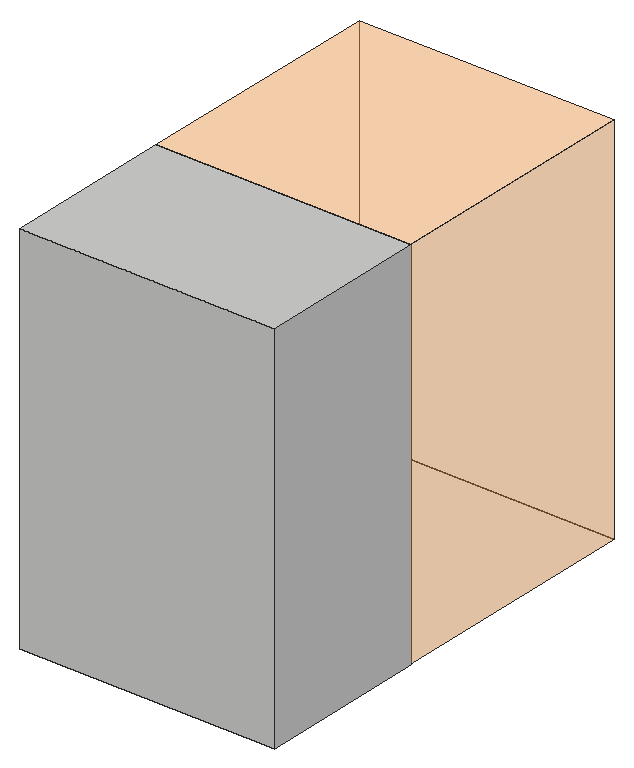
Revit family "IEK_R19_L2(2)_Шкаф_ЩМПп_IP66_TETRA_Навесной", category Электрооборудование, Revit 2019
Family settings
  Размер круглого соединителя = Использовать диаметр
  Тип детали = Силовой щит
  На основе рабочей плоскости = Нет
  Всегда вертикально = Да
  При загрузке вырезать с полостями = Нет
  Общий = Нет
  Точка расчета площади = Да
Parameters
  УГО_Реальный размер [instance] = no
  УГО_Переключить цвет [instance] = no
  УГО_Масштаб [instance] = 1
  УГО_Смещение по оси Y [instance] = 1000 mm
  УГО_Смещение по оси X [instance] = 1000 mm
  УГО [instance] = ▲GA_УГО_ЩР : ▲GA_УГО_ЩР
  Серия = ""
  built-in parameter 1140086 [instance] = "-"  # constant formula
  built-in parameter 1140087 [instance] = 2
  built-in parameter 1140079 [instance] = 12
  Лоток_Ширина снизу [instance] = 50 mm
  Лоток_Высота снизу [instance] = 50 mm
  Лоток_Высота сверху [instance] = 50 mm
  Лоток_Ширина сверху [instance] = 100 mm
  Лоток_Смещение влево [instance] = 155 mm
  лоток_Отступ от стены до нижней грани [instance] = Лоток_Отступ от стены + Лоток_Высота сверху / 2  # 35 mm
  Лоток_Отступ от стены [instance] = 10 mm
  Инженерная_сеть = no
  Panel Name [instance] = "1Щ?1"
  Зона обслуживания [instance] = yes
  Группировать в спецификации = 1 = 0  # no
  mS_Номер питающей цепи [instance] = ""
  mS_Номер отходящей цепи [instance] = ""
  mS_Координация оборудования = 0  # constant formula
  mS_Категория оборудования [instance] = if(УГО_Переключить цвет, 0, 2)  # 2
  mS_Guid = "821c7fcf-6e20-4866-bf76-5fe537ee1ddb"  # constant formula
  mS_GA_Оборудование 4 тип [instance] = not(УГО_Переключить цвет)  # yes
  mS_GA_Оборудование 3 тип [instance] = 1 = 0  # no
  mS_GA_Оборудование 2 тип [instance] = УГО_Переключить цвет  # no
  mS_GA_Оборудование 1 тип [instance] = 1 = 0  # no
  mS_GA_Оборудование [instance] = 1 = 0  # no
  ADSK_Этаж [instance] = ""
  ADSK_Размер_Ширина = 210 mm
  ADSK_Размер_Глубина = 140 mm
  ADSK_Размер_Высота = 310 mm
  ADSK_Примечание [instance] = ""
  ADSK_Позиция = ""
  ADSK_Обозначение = "ЩМПп"
  ADSK_Номер секции [instance] = ""
  ADSK_Номер здания [instance] = ""
  ADSK_Напряжение [instance] = 400 V
  ADSK_Наименование краткое = ""
  ADSK_Наименование = "Щит распределительный навесной установки IP31"
  ADSK_Назначение вида [instance] = ""
  ADSK_Материал [instance] = mS_RAL7035 Светло серый
  ADSK_Масса_Текст = ""
  ADSK_Масса = 0
  ADSK_Марка = ADSK_Обозначение  # "ЩМПп"
  ADSK_Комплект чертежей [instance] = ADSK_Комплект  # "ЭОМ"
  ADSK_Комплект [instance] = "ЭОМ"
  ADSK_Количество фаз [instance] = 3
  ADSK_Количество = 1  # constant formula
  ADSK_Код изделия = ""
  ADSK_Зона [instance] = ""
  ADSK_Завод-изготовитель = "IEK"
  ADSK_Единица измерения = "шт"  # constant formula
  ADSK_Группирование = "Продукция НКУ"  # constant formula
  ADSK_Версия семейства = "v1.0 2023-02-20"  # constant formula
  ADSK_Версия Revit = "2019"  # constant formula
  ADSK_URL страницы изделия = ""
  ADSK_URL документации изделия = ""
Reference planes
  plane 1 "Назад": y = 0
  plane 2 "Вверх": z = 0
  plane 3 "По центру (Влево/Вправо)": x = 0
  plane 4 "УГО_Смещение по оси Y": x = -1000
  plane 5 "УГО_Смещение по оси X": y = -900
  plane 6 "Центр по высоте": z = -155
  plane 7 "Вперед": y = 140
  plane 8 "По правому краю": x = -105
  plane 9 "По левому краю": x = 105
  plane 10 "Низ панели": z = -310
  plane 11 "Имя панели": y = 46.667
  plane 12 "Тип панели": y = 93.333
  plane 13 "Шрифт спереди": y = 141
  plane 14 "Шрифт сверху": z = 1
  plane 15 "Плоскость для привязки оси лотка": x = -105
Forms (mm)
  Extrusion 1, solid, material "mS_RAL7035 Светло серый" <- "ADSK_Материал"
    sketch origin (-150, 0, 0) x (0, 0, -1) y (1, 0, 0)
      loop
        line (0, 45) -> (310, 45) -> (310, 255) -> (0, 255) -> (0, 45)
    from 0 to -140
Lines and regions (mm)
  reference lines
    curve 1: line (0, 200, 0) -> (0, 100, 0)
    curve 2: line (-50, 100, 0) -> (50, 100, 0)
    curve 3: line (-105, 35, -155) -> (105, 35, -155)
    curve 4: line (50, 35, -310) -> (50, 35, 0)
  symbolic lines
    curve 5: line (-105, 0, 0) -> (105, 0, 0)
    curve 6: line (-105, 0, -310) -> (-105, 0, 0)
    curve 7: line (105, 0, -310) -> (-105, 0, -310)
    curve 8: line (105, 0, 0) -> (105, 0, -310)
    curve 9: line (0, 0, 0) -> (0, 140, 0)
    curve 10: line (0, 0, -310) -> (0, 0, 0)
    curve 11: line (0, 140, -310) -> (0, 0, -310)
    curve 12: line (0, 140, 0) -> (0, 140, -310)
  symbolic lines, detail levels medium+fine
    curve 13: line (-105, 140, -155) -> (105, 140, -155)
    curve 14: line (-105, 0, -155) -> (-105, 140, -155)
    curve 15: line (105, 0, -155) -> (-105, 0, -155)
    curve 16: line (105, 140, -155) -> (105, 0, -155)
Dimensions and locks
  equal spacing: plane 8 "По правому краю", plane 3 "По центру (Влево/Вправо)", plane 9 "По левому краю"
  "ADSK_Размер_Ширина": plane 8 "По правому краю" to plane 9 "По левому краю"
  "ADSK_Размер_Глубина": plane 1 "Назад" to plane 7 "Вперед"
  equal spacing: plane 10 "Низ панели", plane 6 "Центр по высоте", level
  "ADSK_Размер_Высота": plane 10 "Низ панели" to level
  equal spacing: plane 1 "Назад", plane 11 "Имя панели", plane 12 "Тип панели", plane 7 "Вперед"
  equal spacing: curve 2, curve 1, curve 2
  locked: curve 1 to curve 1 at 100
  "УГО_Смещение по оси X": plane 4 "УГО_Смещение по оси Y" to curve 1
  "УГО_Смещение по оси Y": plane 5 "УГО_Смещение по оси X" to curve 2
  locked: plane 7 "Вперед" to plane 13 "Шрифт спереди" at 1
  locked: plane 2 "Вверх" to plane 14 "Шрифт сверху" at 1
  "лоток_Отступ от стены до нижней грани": plane 1 "Назад" to curve 3
  "Лоток_Смещение влево": plane 15 "Плоскость для привязки оси лотка" to curve 4
  curve 2 to curve 2 = 100 mm
  aligned and locked: level to plane 2 "Вверх"
  aligned and locked: level to Extrusion 1
  aligned and locked: Extrusion 1 to plane 7 "Вперед"
  aligned and locked: Extrusion 1 to plane 10 "Низ панели"
  aligned and locked: plane 10 "Низ панели" to Extrusion 1
  aligned and locked: nested 1 to plane 8 "По правому краю"
  aligned and locked: plane 9 "По левому краю" to nested 1
  aligned and locked: plane 3 "По центру (Влево/Вправо)" to nested 2
  aligned and locked: plane 6 "Центр по высоте" to nested 2
  aligned and locked: curve 2 to curve 1
  aligned and locked: curve 2 to nested 3
  aligned and locked: nested 3 to curve 1
  aligned and locked: text3d elem to plane 3 "По центру (Влево/Вправо)"
  aligned and locked: text3d elem to plane 12 "Тип панели"
  aligned and locked: text3d elem to plane 11 "Имя панели"
  aligned and locked: nested 1 to plane 7 "Вперед"
  aligned and locked: plane 8 "По правому краю" to curve 3
  aligned and locked: plane 9 "По левому краю" to curve 3
  aligned and locked: plane 10 "Низ панели" to curve 4
  aligned and locked: plane 8 "По правому краю" to plane 15 "Плоскость для привязки оси лотка"
  aligned and locked: nested 4 to curve 2
  aligned and locked: nested 4 to curve 1
  aligned and locked: plane 2 "Вверх" to curve 4
  aligned and locked: curve 6 to nested 1
  aligned and locked: curve 7 to nested 1
  aligned and locked: curve 8 to nested 1
  aligned and locked: curve 5 to plane 2 "Вверх"
  aligned and locked: level to curve 9
  aligned and locked: curve 10 to plane 1 "Назад"
  aligned and locked: plane 10 "Низ панели" to curve 11
  aligned and locked: plane 7 "Вперед" to curve 12
  aligned and locked: curve 13 to plane 7 "Вперед"
  aligned and locked: curve 14 to plane 8 "По правому краю"
  aligned and locked: plane 1 "Назад" to curve 15
  aligned and locked: curve 16 to plane 9 "По левому краю"
Automatic sketch dimensions
  Extrusion 1 sketch curve to level = 0 mm
  Extrusion 1 sketch curve to plane 8 "По правому краю" = 0 mm
  Extrusion 1 sketch curve to plane 10 "Низ панели" = 0 mm
  plane 9 "По левому краю" to Extrusion 1 sketch curve = 0 mm
Nested families
  nested 1: "▲GM_Зона обслуживания" at (105, 140, -310) x (-1, 0, 0) z (0, 0, 1), Высота <- "ADSK_Размер_Высота", visible <- "Зона обслуживания", Ширина <- "ADSK_Размер_Ширина", ADSK_Примечание <- "ADSK_Примечание", ADSK_Комплект <- "ADSK_Комплект", ADSK_Комплект чертежей <- "ADSK_Комплект чертежей", ADSK_Назначение вида <- "ADSK_Назначение вида", ADSK_Номер здания <- "ADSK_Номер здания", ADSK_Номер секции <- "ADSK_Номер секции", ADSK_Этаж <- "ADSK_Этаж", ADSK_Зона <- "ADSK_Зона", type "Тип", detail levels medium+fine
    with Ширина 210 mm, Длина 210 mm, Высота 310 mm, ADSK_Этаж "", ADSK_Примечание "", ADSK_Номер секции "", ADSK_Номер здания "", ADSK_Назначение вида "", ADSK_Комплект чертежей "ЭОМ", ADSK_Комплект "ЭОМ", ADSK_Зона ""
  nested 2: "▲EN_Знак электрическое напряжение" at (0, 140, -155) x (1, 0, 0) z (0, -1, 0), ADSK_Примечание <- "ADSK_Примечание", ADSK_Комплект <- "ADSK_Комплект", ADSK_Комплект чертежей <- "ADSK_Комплект чертежей", ADSK_Назначение вида <- "ADSK_Назначение вида", ADSK_Номер здания <- "ADSK_Номер здания", ADSK_Номер секции <- "ADSK_Номер секции", ADSK_Этаж <- "ADSK_Этаж", ADSK_Зона <- "ADSK_Зона", type "Тип", detail levels fine
  nested 3: "▲GA_УГО_ЩР" at (0, 100, 0), type <- "УГО", УГО_Масштаб <- "УГО_Масштаб", УГО_Реальный размер <- "УГО_Реальный размер", ADSK_Размер_Длина <- "ADSK_Размер_Ширина", ADSK_Размер_Ширина <- "ADSK_Размер_Глубина", mS_GA_Оборудование <- "mS_GA_Оборудование", mS_GA_Оборудование 1 тип <- "mS_GA_Оборудование 1 тип", mS_GA_Оборудование 2 тип <- "mS_GA_Оборудование 2 тип", mS_GA_Оборудование 3 тип <- "mS_GA_Оборудование 3 тип", mS_GA_Оборудование 4 тип <- "mS_GA_Оборудование 4 тип", ADSK_Примечание <- "ADSK_Примечание", ADSK_Комплект <- "ADSK_Комплект", ADSK_Комплект чертежей <- "ADSK_Комплект чертежей", ADSK_Назначение вида <- "ADSK_Назначение вида", ADSK_Номер здания <- "ADSK_Номер здания", ADSK_Номер секции <- "ADSK_Номер секции", ADSK_Этаж <- "ADSK_Этаж", ADSK_Зона <- "ADSK_Зона", type "▲GA_УГО_ЩР", detail levels coarse+medium
    with формула_Ширина 2.5 mm, формула_Длина 5 mm, размер_Ширина 2.5 mm, размер_Длина 5 mm, оборудование_Ошибка УГО no, оборудование 4 тип yes, оборудование 3 тип no, оборудование 2 тип no, оборудование 1 тип no, оборудование no, УГО_Реальный размер no, УГО_Метка "А/М", УГО_Масштаб 1, mS_Метка_2,5_мм_Пользователя_Черная yes, mS_Метка_2,5_мм_Пользователя_Красная no, mS_Метка_2,0_мм_Пользователя_Черная no, mS_Метка_1,8_мм_Пользователя_Черная no, mS_Метка_1,5_мм_Пользователя_Черная no, mS_GA_Оборудование 4 тип yes, mS_GA_Оборудование 3 тип no, mS_GA_Оборудование 2 тип no, mS_GA_Оборудование 1 тип no, mS_GA_Оборудование no, ADSK_Этаж "", ADSK_Размер_Ширина 140 mm, ADSK_Размер_Длина 210 mm, ADSK_Примечание "", ADSK_Номер секции "", ADSK_Номер здания "", ADSK_Назначение вида "", ADSK_Комплект чертежей "ЭОМ", ADSK_Комплект "ЭОМ", ADSK_Зона ""
  nested 4: "▲EE_Форма_2D" at (-271.062, 100, 0), ADSK_Размер_Длина <- "ADSK_Размер_Ширина", ADSK_Размер_Ширина <- "ADSK_Размер_Глубина", УГО_Масштаб <- "УГО_Масштаб", УГО_Реальный размер <- "УГО_Реальный размер", ADSK_Примечание <- "ADSK_Примечание", ADSK_Комплект <- "ADSK_Комплект", ADSK_Комплект чертежей <- "ADSK_Комплект чертежей", ADSK_Назначение вида <- "ADSK_Назначение вида", ADSK_Номер здания <- "ADSK_Номер здания", ADSK_Номер секции <- "ADSK_Номер секции", ADSK_Этаж <- "ADSK_Этаж", ADSK_Зона <- "ADSK_Зона", type "▲EE_Форма_2D", detail levels coarse+medium
    with ширина 250 mm, формула_ширина 250 mm, формула_длина 500 mm, длина 500 mm, УГО_Реальный размер no, УГО_Масштаб 1, ADSK_Этаж "", ADSK_Размер_Ширина 140 mm, ADSK_Размер_Длина 210 mm, ADSK_Примечание "", ADSK_Номер секции "", ADSK_Номер здания "", ADSK_Назначение вида "", ADSK_Комплект чертежей "ЭОМ", ADSK_Комплект "ЭОМ", ADSK_Зона ""
Connectors
  electrical at (0, 0, 0), driven by "Инженерная_сеть", driven by "ADSK_Количество фаз", driven by "ADSK_Напряжение"
    settings: index 1, voltage 400 V, apparent load 0 kVA, apparent load phase1 0 kVA, apparent load phase2 0 kVA, apparent load phase3 0 kVA, power factor 1, load classification "Прочее", number of poles 3, system type 30, power factor state 1, is connector primary yes, connector utility no, sub classification motor no, connector description ""
  cabletrayconduit at (50, 35, 0), diameter 600, driven by "Лоток_Высота сверху", driven by "Лоток_Ширина сверху"
    settings: on curve 4, index 2, connector width 100 mm, connector height 50 mm, connector angle 0.00°, system type 32, placement type 0, profile type 1, connector reference index -1, is primary connector yes, connector utility param no, connector description "Ввод лотка в щит сверху"
  cabletrayconduit at (50, 35, -310), diameter 600, driven by "Лоток_Высота снизу", driven by "Лоток_Ширина снизу"
    settings: on curve 4, index 3, connector width 50 mm, connector height 50 mm, connector angle 0.00°, system type 32, placement type 0, profile type 1, connector reference index -1, is primary connector no, connector utility param no, connector description "Ввод лотка в щит снизу"
  cabletrayconduit at (0, 70, 0), diameter 600
    settings: on Extrusion 1, index 4, connector width 300 mm, connector height 300 mm, connector angle 0.00°, system type 32, placement type 1, profile type 0, connector reference index -1, is primary connector no, connector utility param no, connector description "Ввод короба в щит сверху"
  cabletrayconduit at (0, 70, -310), diameter 600
    settings: on Extrusion 1, index 5, connector width 300 mm, connector height 300 mm, connector angle 0.00°, system type 32, placement type 1, profile type 0, connector reference index -1, is primary connector no, connector utility param no, connector description "Ввод короба в щит снизу"
Definition of nested family "▲GM_Зона обслуживания"
  Parameters (values of type "Тип")
    Ширина [instance] = 600 mm
    Default Elevation = 0 mm
    Description = "Зона обслуживания"
    Длина [instance] = 1200 mm
    Высота [instance] = 2000 mm
    mS_Guid = "adc6c888-f092-4c82-bbd7-b109d89989c6"  # constant formula
    ADSK_Этаж [instance] = ""
    ADSK_Примечание [instance] = ""
    ADSK_Номер секции [instance] = ""
    ADSK_Номер здания [instance] = ""
    ADSK_Наименование = "Неспецифицируемый"  # constant formula
    ADSK_Назначение вида [instance] = ""
    ADSK_Комплект чертежей [instance] = ""
    ADSK_Комплект [instance] = ""
    ADSK_Зона [instance] = ""
    ADSK_Версия семейства = "2022-12-26"  # constant formula
  Reference planes
    plane 1 "Назад": y = 0
    plane 2 "Вниз": z = 0
    plane 3 "По левому краю": x = 0
    plane 4 "Вперед": y = -600
    plane 5 "По правому краю": x = 1200
  Forms (mm)
    Extrusion 1, solid, detail levels fine
      sketch origin (0, 0, 0) x (1, 0, 0) y (0, 1, 0)
        loop
          line (0, -600) -> (1200, -600) -> (1200, 0) -> (0, 0) -> (0, -600)
      from 0 to 2000 <- "Высота"
  Lines and regions (mm)
    symbolic lines, detail levels fine
      curve 1: line (0, 0, 0) -> (1200, 0, 0)
      curve 2: line (0, -600, 0) -> (0, 0, 0)
      curve 3: line (1200, -600, 0) -> (0, -600, 0)
      curve 4: line (1200, 0, 0) -> (1200, -600, 0)
  Dimensions and locks
    "Длина": plane 3 "По левому краю" to plane 5 "По правому краю"
    "Ширина": plane 4 "Вперед" to plane 1 "Назад"
    aligned and locked: level to plane 2 "Вниз"
    aligned and locked: Extrusion 1 sketch curve to plane 4 "Вперед"
    aligned and locked: Extrusion 1 sketch curve to plane 3 "По левому краю"
    aligned and locked: Extrusion 1 sketch curve to plane 1 "Назад"
    aligned and locked: plane 5 "По правому краю" to Extrusion 1 sketch curve
    aligned and locked: plane 4 "Вперед" to curve 3
    aligned and locked: curve 4 to plane 5 "По правому краю"
  Automatic sketch dimensions
    curve 3 to plane 3 "По левому краю" = 0 mm
    plane 1 "Назад" to curve 2 = 0 mm
Definition of nested family "▲EN_Знак электрическое напряжение"
  Parameters (values of type "Тип")
    Default Elevation = 0 mm
    Keynote = "Знак электрическое напряжение"
    Height = 0 mm
    mS_Категория оборудования [instance] = 0
    mS_Guid = "a9daff8e-f103-422e-bf93-7e22b4665eef"  # constant formula
    ADSK_Этаж [instance] = ""
    ADSK_Примечание [instance] = ""
    ADSK_Номер секции [instance] = ""
    ADSK_Номер здания [instance] = ""
    ADSK_Наименование = "Неспецифицируемый"  # constant formula
    ADSK_Назначение вида [instance] = ""
    ADSK_Комплект чертежей [instance] = "ЭОМ"
    ADSK_Комплект [instance] = "ЭОМ"
    ADSK_Зона [instance] = ""
    ADSK_Версия семейства = "2022-12-26"  # constant formula
  Reference planes
    plane 1 "По центру (Вперед/Назад)": y = 0
    plane 2: z = 0
    plane 3 "По центру (Влево/Вправо)": x = 0
  Forms (mm)
    Extrusion 1, solid, detail levels fine
      sketch origin (43.524, -81.118, -0.4) x (1, 0, 0) y (0, 1, 0)
        loop
          line (-42.029, 91.643) -> (-45.329, 91.643) -> (-48.476, 80.271) -> (-43.758, 82.886) -> (-44.754, 75.331) -> (-45.782, 76.557) -> (-44.948, 71.829) -> (-42.097, 76.058) -> (-43.506, 75.107) -> (-40.607, 85.925) -> (-45.803, 82.925) -> (-42.029, 91.643)
        loop
          line (-60.524, 69.528) -> (-26.524, 69.528) -> (-43.524, 98.328) -> (-60.524, 69.528)
        loop
          line (-64.728, 67.128) -> (-22.321, 67.128) -> (-43.524, 103.05) -> (-64.728, 67.128)
      from 0 to 0.8
    Extrusion 2, solid, detail levels fine
      sketch origin (0.029, 0, -0.2) x (1, 0, 0) y (0, 1, 0)
        loop
          line (0, 23.899) -> (-22.955, -14.99) -> (22.955, -14.99) -> (0, 23.899)
      from 0 to 0.4
Definition of nested family "▲GA_УГО_ЩР"
  Parameters (values of type "▲GA_УГО_ЩР")
    формула_Ширина [instance] = if(УГО_Реальный размер, ADSK_Размер_Ширина * 0.01, 2.5 mm) * УГО_Масштаб  # 2.5 mm
    размер_Ширина [instance] = if(формула_Ширина < 1.5 mm, 1.5 mm, формула_Ширина)  # 2.5 mm
    оборудование_Ошибка УГО [instance] = and(not(оборудование), not(оборудование 1 тип), not(оборудование 2 тип), not(оборудование 3 тип), not(оборудование 4 тип))  # no
    оборудование 4 тип [instance] = and(mS_GA_Оборудование 4 тип, not(mS_GA_Оборудование), not(mS_GA_Оборудование 1 тип), not(mS_GA_Оборудование 2 тип), not(mS_GA_Оборудование 3 тип))  # no
    оборудование 3 тип [instance] = and(mS_GA_Оборудование 3 тип, not(mS_GA_Оборудование), not(mS_GA_Оборудование 1 тип), not(mS_GA_Оборудование 2 тип), not(mS_GA_Оборудование 4 тип))  # no
    оборудование 2 тип [instance] = and(mS_GA_Оборудование 2 тип, not(mS_GA_Оборудование), not(mS_GA_Оборудование 1 тип), not(mS_GA_Оборудование 3 тип), not(mS_GA_Оборудование 4 тип))  # no
    оборудование 1 тип [instance] = and(mS_GA_Оборудование 1 тип, not(mS_GA_Оборудование), not(mS_GA_Оборудование 2 тип), not(mS_GA_Оборудование 3 тип), not(mS_GA_Оборудование 4 тип))  # no
    оборудование [instance] = and(mS_GA_Оборудование, not(mS_GA_Оборудование 1 тип), not(mS_GA_Оборудование 2 тип), not(mS_GA_Оборудование 3 тип), not(mS_GA_Оборудование 4 тип))  # yes
    формула_Длина [instance] = if(УГО_Реальный размер, ADSK_Размер_Длина * 0.01, 5 mm) * УГО_Масштаб  # 5 mm
    размер_Длина [instance] = if(формула_Длина < 1.5 mm, 1.5 mm, формула_Длина)  # 5 mm
    УГО_Реальный размер [instance] = no
    УГО_Метка [instance] = "А/М"
    УГО_Масштаб [instance] = 1
    mS_Метка_2,5_мм_Пользователя_Черная [instance] = yes
    mS_Метка_2,5_мм_Пользователя_Красная [instance] = no
    mS_Метка_2,0_мм_Пользователя_Черная [instance] = no
    mS_Метка_1,8_мм_Пользователя_Черная [instance] = no
    mS_Метка_1,5_мм_Пользователя_Черная [instance] = no
    mS_Guid = "13bacebf-5c29-46b4-a5e3-bb90fb2e1bbe"  # constant formula
    mS_GA_Оборудование 4 тип [instance] = no
    mS_GA_Оборудование 3 тип [instance] = no
    mS_GA_Оборудование 2 тип [instance] = no
    mS_GA_Оборудование 1 тип [instance] = no
    mS_GA_Оборудование [instance] = yes
    ADSK_Этаж [instance] = ""
    ADSK_Размер_Ширина [instance] = 251 mm
    ADSK_Размер_Длина [instance] = 501 mm
    ADSK_Примечание [instance] = ""
    ADSK_Номер секции [instance] = ""
    ADSK_Номер здания [instance] = ""
    ADSK_Наименование = "Неспецифицируемый"  # constant formula
    ADSK_Назначение вида [instance] = ""
    ADSK_Комплект чертежей [instance] = ""
    ADSK_Комплект [instance] = ""
    ADSK_Зона [instance] = ""
    ADSK_Версия семейства = "2022-12-26"  # constant formula
  Reference planes
    plane 1 "Горизонтально": y = 0
    plane 2 "Вертикально": x = 0
    plane 3 "Г1": y = 2.5
    plane 4 "В1": x = -2.5
    plane 5 "В2": x = 2.5
    plane 6 "Г3": y = 1.429
    plane 7 "Г4": y = 1.071
    plane 8 "Г2": y = 1.786
    plane 9 "Г5": y = 0.714
    plane 10 "Г6": y = 2.143
    plane 11 "Г7": y = 0.357
  Lines and regions (mm)
    Filled region 1, type "mS_FR_Оборудование 1 тип", visible <- "mS_GA_Оборудование 1 тип"
      outline origin (0, 0, 0) x (1, 0, 0) y (0, 1, 0)
        loop
          line (-2.5, 1.429) -> (-2.5, 0) -> (2.5, 0) -> (2.5, 1.429) -> (-2.5, 1.429)
    Filled region 2, type "mS_FR_Оборудование 2 тип", visible <- "mS_GA_Оборудование 2 тип"
      outline origin (0, 0, 0) x (1, 0, 0) y (0, 1, 0)
        loop
          line (-2.5, 1.429) -> (-2.5, 0) -> (2.5, 0) -> (2.5, 1.429) -> (-2.5, 1.429)
    Filled region 3, type "mS_FR_Оборудование 3 тип", visible <- "mS_GA_Оборудование 3 тип"
      outline origin (0, 0, 0) x (1, 0, 0) y (0, 1, 0)
        loop
          line (-2.5, 1.429) -> (-2.5, 0) -> (2.5, 0) -> (2.5, 1.429) -> (-2.5, 1.429)
    Filled region 4, type "mS_FR_Оборудование 4 тип", visible <- "mS_GA_Оборудование 4 тип"
      outline origin (0, 0, 0) x (1, 0, 0) y (0, 1, 0)
        loop
          line (-2.5, 1.429) -> (-2.5, 0) -> (2.5, 0) -> (2.5, 1.429) -> (-2.5, 1.429)
    Filled region 5, type "mS_FR_Оборудование", visible <- "mS_GA_Оборудование"
      outline origin (0, 0, 0) x (1, 0, 0) y (0, 1, 0)
        loop
          line (-2.5, 1.429) -> (-2.5, 0) -> (2.5, 0) -> (2.5, 1.429) -> (-2.5, 1.429)
    detail lines, visible <- "mS_GA_Оборудование 1 тип"
      curve 1: line (-2.5, 2.5, 0) -> (2.5, 2.5, 0)
      curve 2: line (-2.5, 0, 0) -> (-2.5, 2.5, 0)
      curve 3: line (2.5, 0, 0) -> (-2.5, 0, 0)
      curve 4: line (2.5, 2.5, 0) -> (2.5, 0, 0)
      curve 5: line (-2.5, 1.429, 0) -> (2.5, 1.429, 0)
    detail lines, visible <- "mS_GA_Оборудование 2 тип"
      curve 6: line (-2.5, 2.5, 0) -> (2.5, 2.5, 0)
      curve 7: line (-2.5, 0, 0) -> (-2.5, 2.5, 0)
      curve 8: line (2.5, 0, 0) -> (-2.5, 0, 0)
      curve 9: line (2.5, 2.5, 0) -> (2.5, 0, 0)
      curve 10: line (-2.5, 1.429, 0) -> (2.5, 1.429, 0)
    detail lines, visible <- "mS_GA_Оборудование 3 тип"
      curve 11: line (-2.5, 2.5, 0) -> (2.5, 2.5, 0)
      curve 12: line (-2.5, 0, 0) -> (-2.5, 2.5, 0)
      curve 13: line (2.5, 0, 0) -> (-2.5, 0, 0)
      curve 14: line (2.5, 2.5, 0) -> (2.5, 0, 0)
      curve 15: line (-2.5, 1.429, 0) -> (2.5, 1.429, 0)
    detail lines, visible <- "mS_GA_Оборудование 4 тип"
      curve 16: line (-2.5, 2.5, 0) -> (2.5, 2.5, 0)
      curve 17: line (-2.5, 0, 0) -> (-2.5, 2.5, 0)
      curve 18: line (2.5, 0, 0) -> (-2.5, 0, 0)
      curve 19: line (2.5, 2.5, 0) -> (2.5, 0, 0)
      curve 20: line (-2.5, 1.429, 0) -> (2.5, 1.429, 0)
    detail lines, visible <- "mS_GA_Оборудование"
      curve 21: line (-2.5, 2.5, 0) -> (2.5, 2.5, 0)
      curve 22: line (-2.5, 0, 0) -> (-2.5, 2.5, 0)
      curve 23: line (2.5, 0, 0) -> (-2.5, 0, 0)
      curve 24: line (2.5, 2.5, 0) -> (2.5, 0, 0)
      curve 25: line (-2.5, 1.429, 0) -> (2.5, 1.429, 0)
  Text (mm)
    text "Ошибка УГО" at (-0.014, 0, 0), visible <- "оборудование_Ошибка УГО"
  Dimensions and locks
    equal spacing: plane 4 "В1", plane 2 "Вертикально", plane 5 "В2"
    "размер_Длина": plane 4 "В1" to plane 5 "В2"
    "размер_Ширина": plane 1 "Горизонтально" to plane 3 "Г1"
    equal spacing: plane 1 "Горизонтально", plane 11 "Г7", plane 9 "Г5", plane 7 "Г4", plane 6 "Г3", plane 8 "Г2", plane 10 "Г6", plane 3 "Г1"
  Automatic sketch dimensions
    plane 3 "Г1" to curve 1 = 0 mm
    curve 1 to plane 4 "В1" = 0 mm
    plane 1 "Горизонтально" to curve 13 = 0 mm
    curve 13 to plane 5 "В2" = 0 mm
    plane 6 "Г3" to curve 10 = 0 mm
    plane 6 "Г3" to curve 20 = 0 mm
    plane 6 "Г3" to curve 5 = 0 mm
    plane 6 "Г3" to curve 25 = 0 mm
    plane 6 "Г3" to curve 15 = 0 mm
    plane 1 "Горизонтально" to Filled region 1 sketch curve = 0 mm
    Filled region 1 sketch curve to plane 4 "В1" = 0 mm
    Filled region 1 sketch curve to plane 5 "В2" = 0 mm
    plane 6 "Г3" to Filled region 1 sketch curve = 0 mm
    plane 1 "Горизонтально" to Filled region 2 sketch curve = 0 mm
    Filled region 2 sketch curve to plane 4 "В1" = 0 mm
    Filled region 2 sketch curve to plane 5 "В2" = 0 mm
    plane 6 "Г3" to Filled region 2 sketch curve = 0 mm
    plane 1 "Горизонтально" to Filled region 3 sketch curve = 0 mm
    Filled region 3 sketch curve to plane 4 "В1" = 0 mm
    Filled region 3 sketch curve to plane 5 "В2" = 0 mm
    plane 6 "Г3" to Filled region 3 sketch curve = 0 mm
    plane 1 "Горизонтально" to Filled region 4 sketch curve = 0 mm
    Filled region 4 sketch curve to plane 4 "В1" = 0 mm
    Filled region 4 sketch curve to plane 5 "В2" = 0 mm
    plane 6 "Г3" to Filled region 4 sketch curve = 0 mm
    plane 1 "Горизонтально" to Filled region 5 sketch curve = 0 mm
    Filled region 5 sketch curve to plane 4 "В1" = 0 mm
    Filled region 5 sketch curve to plane 5 "В2" = 0 mm
    plane 6 "Г3" to Filled region 5 sketch curve = 0 mm
Definition of nested family "▲EE_Форма_2D"
  Parameters (values of type "▲EE_Форма_2D")
    ширина [instance] = if(формула_ширина < 160 mm, 160 mm, формула_ширина)  # 250 mm
    формула_ширина [instance] = if(УГО_Реальный размер, ADSK_Размер_Ширина * УГО_Масштаб, 250 mm * УГО_Масштаб)  # 250 mm
    формула_длина [instance] = if(УГО_Реальный размер, ADSK_Размер_Длина * УГО_Масштаб, 500 mm * УГО_Масштаб)  # 500 mm
    длина [instance] = if(формула_длина < 160 mm, 160 mm, формула_длина)  # 500 mm
    УГО_Реальный размер [instance] = no
    УГО_Масштаб [instance] = 1
    Type Comments = ""
    mS_Guid = "6e4488ed-7f24-4004-ae76-ac2b68b2763b"  # constant formula
    ADSK_Этаж [instance] = ""
    ADSK_Размер_Ширина [instance] = 251 mm
    ADSK_Размер_Длина [instance] = 501 mm
    ADSK_Примечание [instance] = ""
    ADSK_Номер секции [instance] = ""
    ADSK_Номер здания [instance] = ""
    ADSK_Наименование = "Неспецифицируемый"  # constant formula
    ADSK_Назначение вида [instance] = ""
    ADSK_Комплект чертежей [instance] = ""
    ADSK_Комплект [instance] = ""
    ADSK_Зона [instance] = ""
    ADSK_Версия семейства = "2022-12-26"  # constant formula
  Reference planes
    plane 1 "Центрирование (Вперед/Назад)": y = 0
    plane 2: z = 0
    plane 3 "Центрирование (Влево/Вправо)": x = 271.062
    plane 4: x = 21.062
    plane 5: x = 521.062
    plane 6: y = 250
  Lines and regions (mm)
    model lines, detail levels coarse+medium
      curve 1: line (21.062, 250, 0) -> (521.062, 250, 0)
      curve 2: line (21.062, 0, 0) -> (21.062, 250, 0)
      curve 3: line (521.062, 0, 0) -> (21.062, 0, 0)
      curve 4: line (521.062, 250, 0) -> (521.062, 0, 0)
  Dimensions and locks
    "длина": plane 4 to plane 5
    "ширина": plane 6 to plane 1 "Центрирование (Вперед/Назад)"
    equal spacing: plane 4, plane 3 "Центрирование (Влево/Вправо)", plane 5
    aligned and locked: level to plane 2
    aligned and locked: curve 1 to plane 6
    aligned and locked: plane 4 to curve 2
    aligned and locked: curve 3 to plane 1 "Центрирование (Вперед/Назад)"
    aligned and locked: curve 4 to plane 5
  Automatic sketch dimensions
    curve 2 to plane 6 = 0 mm
    curve 3 to plane 4 = 0 mm
    curve 3 to plane 5 = 0 mm
Types in the file's own list only (20): name | Серия | Инженерная_сеть | Группировать в спецификации | ADSK_Размер_Ширина | ADSK_Размер_Глубина | ADSK_Размер_Высота | ADSK_Обозначение | ADSK_Наименование | ADSK_Масса | ADSK_Марка | ADSK_Код изделия
  TETRA_ЩМПп_(310x210x140)_Пластик_Навесной_ПрозрДверь | "TETRA" | Нет | Нет | 210 мм | 140 мм | 310 мм | "ЩМПп-310-210-140_IP66" | "TETRA 5 Корпус пластик. ЩМПп 300х200х130мм прозр. IP66 IEK" | 1,31 | "ЩМПп-310-210-140_IP66" | "TR5-11-N-030-20-13-65"
  TETRA_ЩМПп_(360x260x160)_Пластик_Навесной_ПрозрДверь | "TETRA" | Нет | Нет | 260 мм | 160 мм | 360 мм | "ЩМПп-360-260-160_IP66" | "TETRA 5 Корпус пластик. ЩМПп 350х250х150мм прозр. IP66 IEK" | 1,92 | "ЩМПп-360-260-160_IP66" | "TR5-11-N-035-25-15-65"
  TETRA_ЩМПп_(410x310x180)_Пластик_Навесной_ПрозрДверь | "TETRA" | Нет | Нет | 310 мм | 180 мм | 410 мм | "ЩМПп-410-310-180_IP66" | "TETRA 5 Корпус пластик. ЩМПп 400х300х170мм прозр. IP66 IEK" | 3,373 | "ЩМПп-410-310-180_IP66" | "TR5-11-N-040-30-17-65"
  TETRA_ЩМПп_(410x310x230)_Пластик_Навесной_ПрозрДверь | "TETRA" | Нет | Нет | 310 мм | 230 мм | 410 мм | "ЩМПп-410-310-230_IP66" | "TETRA 5 Корпус пластик. ЩМПп 400х300х220мм прозр. IP66 IEK" | 2,92 | "ЩМПп-410-310-230_IP66" | "TR5-11-N-040-30-22-65"
  TETRA_ЩМПп_(510x360x200)_Пластик_Навесной_ПрозрДверь | "TETRA" | Нет | Нет | 360 мм | 200 мм | 510 мм | "ЩМПп-510-360-200_IP66" | "TETRA 5 Корпус пластик. ЩМПп 500х350х190мм прозр. IP66 IEK" | 3,9 | "ЩМПп-510-360-200_IP66" | "TR5-11-N-050-35-19-65"
  TETRA_ЩМПп_(510x410x190)_Пластик_Навесной_ПрозрДверь | "TETRA" | Нет | Нет | 410 мм | 190 мм | 510 мм | "ЩМПп-510-410-190_IP66" | "TETRA 5 Корпус пластик. ЩМПп 500х400х180мм прозр. IP66 IEK" | 4,17 | "ЩМПп-510-410-190_IP66" | "TR5-11-N-050-40-18-65"
  TETRA_ЩМПп_(510x410x250)_Пластик_Навесной_ПрозрДверь | "TETRA" | Нет | Нет | 410 мм | 250 мм | 510 мм | "ЩМПп-510-410-250_IP66" | "TETRA 5 Корпус пластик. ЩМПп 500х400х240мм прозр. IP66 IEK" | 4,77 | "ЩМПп-510-410-250_IP66" | "TR5-11-N-050-40-24-65"
  TETRA_ЩМПп_(610x410x210)_Пластик_Навесной_ПрозрДверь | "TETRA" | Нет | Нет | 410 мм | 210 мм | 610 мм | "ЩМПп-610-410-210_IP66" | "TETRA 5 Корпус пластик. ЩМПп 600х400х200мм прозр. IP66 IEK" | 5,43 | "ЩМПп-610-410-210_IP66" | "TR5-11-N-060-40-20-65"
  TETRA_ЩМПп_(710x510x260)_Пластик_Навесной_ПрозрДверь | "TETRA" | Нет | Нет | 510 мм | 260 мм | 710 мм | "ЩМПп-710-510-260_IP66" | "TETRA 5 Корпус пластик. ЩМПп 700х500х250мм прозр. IP66 IEK" | 8,1 | "ЩМПп-710-510-260_IP66" | "TR5-11-N-070-50-25-65"
  TETRA_ЩМПп_(810x610x270)_Пластик_Навесной_ПрозрДверь | "TETRA" | Нет | Нет | 610 мм | 270 мм | 810 мм | "ЩМПп-810-610-270_IP66" | "TETRA 5 Корпус пластик. ЩМПп 800х600х260мм прозр. IP66 IEK" | 10,1 | "ЩМПп-810-610-270_IP66" | "TR5-11-N-080-60-26-65"
  TETRA_ЩМПп_(310x210x140)_Пластик_Навесной | "TETRA" | Нет | Нет | 210 мм | 140 мм | 310 мм | "ЩМПп-310-210-140_IP66" | "TETRA 5 Корпус пластик. ЩМПп 300х200х130мм IP66 IEK" | 1,35 | "ЩМПп-310-210-140_IP66" | "TR5-12-N-030-20-13-65"
  TETRA_ЩМПп_(360x260x160)_Пластик_Навесной | "TETRA" | Нет | Нет | 260 мм | 160 мм | 360 мм | "ЩМПп-360-260-160_IP66" | "TETRA 5 Корпус пластик. ЩМПп 350х250х150мм IP66 IEK" | 1,95 | "ЩМПп-360-260-160_IP66" | "TR5-12-N-035-25-15-65"
  TETRA_ЩМПп_(410x310x180)_Пластик_Навесной | "TETRA" | Нет | Нет | 310 мм | 180 мм | 410 мм | "ЩМПп-410-310-180_IP66" | "TETRA 5 Корпус пластик. ЩМПп 400х300х170мм IP66 IEK" | 3,273 | "ЩМПп-410-310-180_IP66" | "TR5-12-N-040-30-17-65"
  TETRA_ЩМПп_(410x310x230)_Пластик_Навесной | "TETRA" | Нет | Нет | 310 мм | 230 мм | 410 мм | "ЩМПп-410-310-230_IP66" | "TETRA 5 Корпус пластик. ЩМПп 400х300х220мм IP66 IEK" | 2,99 | "ЩМПп-410-310-230_IP66" | "TR5-12-N-040-30-22-65"
  TETRA_ЩМПп_(510x360x200)_Пластик_Навесной | "TETRA" | Нет | Нет | 360 мм | 200 мм | 510 мм | "ЩМПп-510-360-200_IP66" | "TETRA 5 Корпус пластик. ЩМПп 500х350х190мм IP66 IEK" | 3,92 | "ЩМПп-510-360-200_IP66" | "TR5-12-N-050-35-19-65"
  TETRA_ЩМПп_(510x410x190)_Пластик_Навесной | "TETRA" | Нет | Нет | 410 мм | 190 мм | 510 мм | "ЩМПп-510-410-190_IP66" | "TETRA 5 Корпус пластик. ЩМПп 500х400х180мм IP66 IEK" | 4,19 | "ЩМПп-510-410-190_IP66" | "TR5-12-N-050-40-18-65"
  TETRA_ЩМПп_(510x410x250)_Пластик_Навесной | "TETRA" | Нет | Нет | 410 мм | 250 мм | 510 мм | "ЩМПп-510-410-250_IP66" | "TETRA 5 Корпус пластик. ЩМПп 500х400х240мм IP66 IEK" | 4,65 | "ЩМПп-510-410-250_IP66" | "TR5-12-N-050-40-24-65"
  TETRA_ЩМПп_(610x410x210)_Пластик_Навесной | "TETRA" | Нет | Нет | 410 мм | 210 мм | 610 мм | "ЩМПп-610-410-210_IP66" | "TETRA 5 Корпус пластик. ЩМПп 600х400х200мм IP66 IEK" | 5,27 | "ЩМПп-610-410-210_IP66" | "TR5-12-N-060-40-20-65"
  TETRA_ЩМПп_(710x510x260)_Пластик_Навесной | "TETRA" | Нет | Нет | 510 мм | 260 мм | 710 мм | "ЩМПп-710-510-260_IP66" | "TETRA 5 Корпус пластик. ЩМПп 700х500х250мм IP66 IEK" | 8 | "ЩМПп-710-510-260_IP66" | "TR5-12-N-070-50-25-65"
  TETRA_ЩМПп_(810x610x270)_Пластик_Навесной | "TETRA" | Нет | Нет | 610 мм | 270 мм | 810 мм | "ЩМПп-810-610-270_IP66" | "TETRA 5 Корпус пластик. ЩМПп 800х600х260мм IP66 IEK" | 10,35 | "ЩМПп-810-610-270_IP66" | "TR5-12-N-080-60-26-65"
